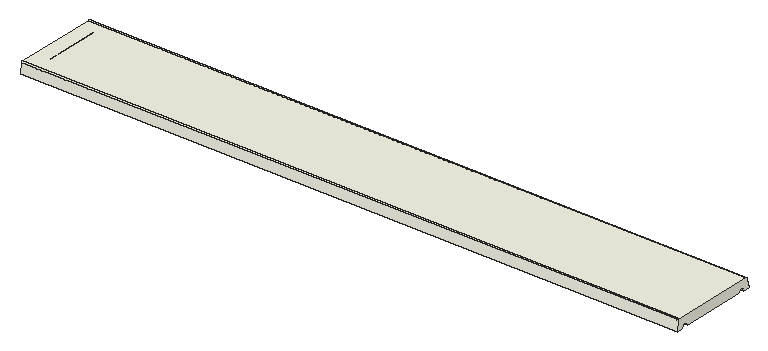
Revit family "Albardilla MJ remate. C-1", category Modelos genéricos, Revit 2020
Family settings
  Puede alojar armadura = No
  Cota de conector redondo = Diámetro de uso
  Tipo de pieza = Normal
  Se basa en plano de trabajo = No
  Siempre vertical = No
  Corte con vacíos al cargar = No
  Compartido = No
  Punto de cálculo de habitación = No
Parameters (values of type "RMJ12")
  Descripción = "Pieza de hormigón polímero con anclaje de acero inoxidable."
  Ancho doble = Ancho / 4  # 31.25 mm
  Visible una linea = if(Ancho > 300 mm, 2 = 3, 2 = 2)  # yes
  Visible dos líneas = if(Ancho > 300 mm, 2 = 2, 2 = 3)  # no
  URL = "https://www.ulmaarchitectural.com/es-es"
  Nº filas anclajes [instance] = 3  # constant formula
  Modelo = "Albardilla MJ12 remate"
  Material = Hormigón polímero STONEO. Color C-1
  Longitud real [instance] = 1300 mm  # constant formula
  Fabricante = "ULMA Architectural Solutions"
  Elevación por defecto = 0 mm
  Dist. entre anclajes [instance] = 440 mm  # constant formula
  Dist primer anclaje [instance] = 150 mm  # constant formula
  Código de montaje = "RMJ12"
  Ancho total = Ancho + 50 mm  # 175 mm
  Ancho = 125 mm
Types (11, lengths in mm): name | Ancho doble | Visible una linea | Visible dos líneas | Modelo | Código de montaje | Ancho total | Ancho
  (no name) | 31.25 | yes | no | "Albardilla MJ12 remate" | "RMJ12" | 175 | 125
  RMJ12 | 31.25 | yes | no | "Albardilla MJ12 remate" | "RMJ12" | 175 | 125
  RMJ14 | 37.5 | yes | no | "Albardilla MJ14 remate" | "RMJ14" | 200 | 150
  RMJ17 | 42.5 | yes | no | "Albardilla MJ17 remate" | "RMJ17" | 220 | 170
  RMJ19 | 51.25 | yes | no | "Albardilla MJ19 remate" | "RMJ19" | 255 | 205
  RMJ22 | 55 | yes | no | "Albardilla MJ22 remate" | "RMJ22" | 270 | 220
  RMJ25 | 63.75 | yes | no | "Albardilla MJ25 remate" | "RMJ25" | 305 | 255
  RMJ30 | 76.25 | no | yes | "Albardilla MJ30 remate" | "RMJ30" | 355 | 305
  RMJ35 | 87.5 | no | yes | "Albardilla MJ35 remate" | "RMJ35" | 400 | 350
  RMJ40 | 100 | no | yes | "Albardilla MJ40 remate" | "RMJ40" | 450 | 400
  RMJ27 | 67.5 | yes | no | "Albardilla MJ27 remate" | "RMJ27" | 320 | 270
Reference planes
  plane 1 "Centro (Frontal/Posterior)": y = 0
  plane 2: z = 0
  plane 3 "Centro (Izquierda/Derecha)": x = 0
  plane 4: y = -31.25
  plane 5: y = 31.25
Forms (mm)
  Extrusion 1, solid, material "Hormigón polímero STONEO. Color C-1" <- "Material"
    sketch origin (0, 0, 0) x (0, 1, 0) y (0, 0, 1)
      loop
        line (-87.5, 0) -> (87.5, 0) -> (84.265, 18.347)
        arc (84.265, 18.347) -> (83.581, 19.532) -> (82.295, 20) r 2
        line (82.295, 20) -> (-82.295, 20)
        arc (-82.295, 20) -> (-83.581, 19.532) -> (-84.265, 18.347) r 2
        line (-84.265, 18.347) -> (-87.5, 0)
    from 0 to 1300
  Sweep 2, void
    path origin (0, 0, 0) x (1, 0, 0) y (0, 1, 0)
      loop
        line (1300, 87.5) -> (0, 87.5) -> (0, -87.5) -> (1300, -87.5)
    profile origin (650, 87.5, 0) x (0, -1, 0) y (0, 0, 1)
      loop
        line (25, 0) -> (19.05, 7.298)
        arc (19.05, 7.298) -> (17.5, 8.035) -> (15.95, 7.298) r 2
        line (15.95, 7.298) -> (10, 0) -> (25, 0)
Cuts and joins
  Sweep 2 cuts Extrusion 1
Dimensions and locks
  "Longitud real": Extrusion 1 to Extrusion 1
  "Dist primer anclaje": Extrusion 1 to nested 1
  equal spacing: group 1, group 2, group 7  (x3)
  "Dist. entre anclajes": nested 1 to nested 2
  "Dist primer anclaje": plane 3 "Centro (Izquierda/Derecha)" to nested 3
  "Dist primer anclaje": plane 3 "Centro (Izquierda/Derecha)" to nested 4
  "Ancho doble": plane 1 "Centro (Frontal/Posterior)" to plane 4
  "Ancho doble": plane 1 "Centro (Frontal/Posterior)" to plane 5
  equal spacing: group 3, group 4, group 8  (x3)
  "Dist. entre anclajes": nested 4 to nested 5
  equal spacing: group 5, group 6, group 9  (x3)
  "Dist. entre anclajes": nested 3 to nested 6
  Extrusion 1 sketch curve to level = 20 mm
  "Ancho total": Extrusion 1 sketch curve to Extrusion 1 sketch curve
  equal spacing: Extrusion 1 sketch curve, plane 1 "Centro (Frontal/Posterior)", Extrusion 1 sketch curve
  "Ancho total": Sweep 2 sketch curve to Sweep 2 sketch curve
  "Longitud real": Extrusion 1 to Sweep 2 sketch curve
  equal spacing: Sweep 2 sketch curve, plane 1 "Centro (Frontal/Posterior)", Sweep 2 sketch curve
  Sweep 2 sketch curve to Sweep 2 sketch curve to profile plane = 15 mm, 10 mm
  Extrusion 1 to Sweep 2 sketch curve = 8.035 mm
  radius of Extrusion 1 sketch curve = 2 mm  (x2)
  radius of Sweep 2 sketch curve = 2 mm
  angle Extrusion 1 sketch curve to Extrusion 1 sketch curve = 80.00°  (x2)
  aligned and locked: level to plane 2
  aligned and locked: plane 1 "Centro (Frontal/Posterior)" to nested 1
  aligned and locked: level to nested 2
  aligned and locked: level to nested 1
  aligned and locked: nested 4 to plane 4
  aligned and locked: nested 3 to plane 5
  aligned and locked: nested 5 to plane 4
  aligned and locked: nested 6 to plane 5
Automatic sketch dimensions
  Sweep 2 sketch curve to level = 0 mm
  Sweep 2 sketch curve to Sweep 2 sketch curve = 7.5 mm
  Sweep 2 sketch curve to Sweep 2 sketch curve = 1.264 mm
  Sweep 2 sketch curve to Sweep 2 sketch curve = 0 mm  (x2)
  Extrusion 1 sketch curve to level = 0 mm
  level to Extrusion 1 sketch curve = 18.347 mm  (x2)
  Sweep 2 sketch curve to plane 3 "Centro (Izquierda/Derecha)" = 0 mm
Nested families
  nested 1: "Anclaje imposta" at (150, 0, -2) x (0, -1, 0) z (0, 0, 1), visible <- "Visible una linea", type "Anclaje imposta"
  nested 2: "Anclaje imposta" at (590, 0, -2) x (0, -1, 0) z (0, 0, 1), visible <- "Visible una linea", type "Anclaje imposta"
  nested 3: "Anclaje imposta" at (150, 31.25, -2) x (0, -1, 0) z (0, 0, 1), visible <- "Visible dos líneas", type "Anclaje imposta"
  nested 4: "Anclaje imposta" at (150, -31.25, -2) x (0, -1, 0) z (0, 0, 1), visible <- "Visible dos líneas", type "Anclaje imposta"
  nested 5: "Anclaje imposta" at (590, -31.25, -2) x (0, -1, 0) z (0, 0, 1), visible <- "Visible dos líneas", type "Anclaje imposta"
  nested 6: "Anclaje imposta" at (590, 31.25, -2) x (0, -1, 0) z (0, 0, 1), visible <- "Visible dos líneas", type "Anclaje imposta"
  nested 7: "Anclaje imposta" at (1030, 0, -2) x (0, -1, 0) z (0, 0, 1), visible <- "Visible una linea", type "Anclaje imposta"
  nested 8: "Anclaje imposta" at (1030, -31.25, -2) x (0, -1, 0) z (0, 0, 1), visible <- "Visible dos líneas", type "Anclaje imposta"
  nested 9: "Anclaje imposta" at (1030, 31.25, -2) x (0, -1, 0) z (0, 0, 1), visible <- "Visible dos líneas", type "Anclaje imposta"
Definition of nested family "Anclaje imposta"
  Parameters (values of type "Anclaje inoxidable estándar")
    URL = "https://www.ulmaarchitectural.com/es-es"
    Model = "Sujeción anclaje inoxidable estándar SPE"
    Material = none
    Manufacturer = "ULMA"
    Default Elevation = 0 mm
    Assembly Code = "901250015"
  Reference planes
    plane 1 "Centro (Frontal/Posterior)": y = 0
    plane 2: z = 0
    plane 3 "Centro (Izquierda/Derecha)": x = 0
  Dimensions and locks
    equal spacing: import instance, plane 3 "Centro (Izquierda/Derecha)", import instance
    aligned and locked: level to plane 2
